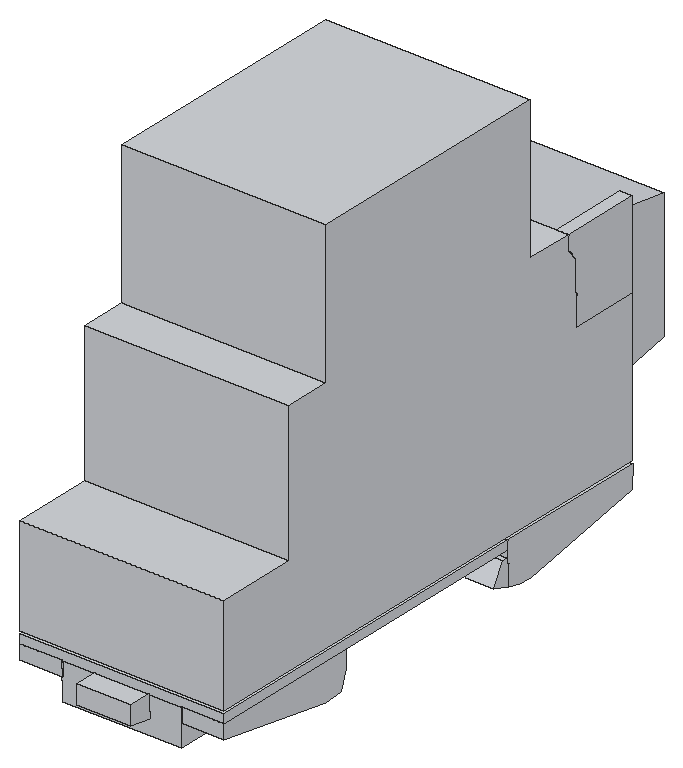
Revit family "Gira_543000", category Electrical Fixtures, host Face, Revit 2017
Family settings
  Host = Face
  Maintain Annotation Orientation = No
  Round Connector Dimension = Use Diameter
  Part Type = Normal
  Cut with Voids When Loaded = No
  Shared = No
  Room Calculation Point = No
Parameters (values of type "WL dimm.act. 1-g DRA Gira eNet")
  With label area = no
  URL = "https://www.gira.de/"
  Type of voltage (input voltage) = ""
  Type of load = "Universal"
  Type of fastening = ""
  Type Comments = ""
  Transparent = no
  Surface protection = ""
  Surface finishing = ""
  Suitable for degree of protection (IP) = ""
  Serial dimmer = no
  Radio frequent bidirectional = no
  Power boost suitable = no
  Parallel-service possible = no
  Output power [Voltampere] = "[500:500]"
  Number of outputs = 1
  Number of inputs = 0
  Nominal voltage [Volt] = ""
  Model = "Dimming actuator"
  Method of operation = ""
  Material quality = ""
  Material = ""
  Manufacturer = "Gira"
  Local operation/hand operation = no
  Light value memory = no
  Keynote = ""
  Input voltage [Volt] = ""
  HeinzeBIM = "https://www.heinze.de/bim/wl-dimm-act-1-g-dra-gira-enet/a9636d8d94fcf1a9dfd08dc613c52d40db9e02c7"
  Halogen free = no
  HAN = "543000"
  GTIN = "4010337774259"
  Frequency [Hz] = ""
  Dimming phase cut-on = no
  Dimming phase cut-off = no
  Description = "WL dimm.act.1g DRA eNet eNet wireless dimming actuator, 1-gang 20 - 500 W VA DRA Features: Can be set with eNet server:: - Fully encrypted wireless transmission (AES CCM) from eNet Server software version 2.0. - Operation locks. - Device software update. - The eNet wireless dimming actuator receives telegrams for switching and dimming various electrical loads from the eNet wireless reception module or eNet server via a data cable. - Switching and dimming light bulbs, HV halogen lamps, electronic transformers for halogen or LED lamps, dimmable inductive transformers for halogen or LED lamps, HV LED or compact fluorescent lamps. - Bulb-saving switch-on. - Switch-on and minimum brightness can be saved. - Scene operation. - Status display with LED. - Status feedback to eNet wireless sensors. - Short-circuit and excess-temperature protection. - Automatic or manual setting of dimming process. Can be set with eNet server:: - Maximum brightness. - Dimming process. - Dimming speed. - Delay time. - Switch-on off delay. - Dimming ramp up down. - Switch-off pre-warning. - Permanent-on, permanent-off. - Hotel function. - Light control.,Notes : - An eNet wireless reception module or an eNet server is required to operate this DIN-rail mounting device."
  Default Elevation = 1219.2 mm
  Cost = 0
  Anschlussart = ""
  Colour = ""
  Bus connection included = no
  BIMSITE_PRODUCT_ID = "a9636d8d94fcf1a9dfd08dc613c52d40db9e02c7"
  BIM = "https://media.live.bim.site/t/eyJhbGciOiJIUzI1NiIsInR5cCI6IkpXVCJ9.eyJjdCI6MSwidGYiOiJwdWJsaWMvZ2lyYS8wOWY1ZGI1L0dpcmEgWDEgUkVHIEtOWC5yZmEiLCJjaWQiOiJmZWQ5OGU5YS0xYmQ4LTRjNjgtYTczYi03NGE5NGUzMTU4MjMiLCJyaWQiOiI5YzEwNDkwMmZhOWU1M2RjZmE1NmI2NGI3YWE5NzBlMCIsInBpZCI6ImE5NjM2ZDhkOTRmY2YxYTlkZmQwOGRjNjEzYzUyZDQwZGI5ZTAyYzciLCJzaWQiOiI2MzQ3MCIsInV0Ijo1LCJsYyI6ImVuIiwiaWF0IjoxNjA3NDQxOTU2LCJpc3MiOiJodHRwczovL2FwaS5saXZlLmJpbS5zaXRlIiwic3ViIjoiOGQzYWE1Y2ItZTA2Ni00NTk4LWJlMTYtNmUxNmVlNzQ5NTZhIn0.bHWL_qNlnwnxfzYQ3PF13mFJsFFBoQ4wlcbZ-YUZFdc/Gira X1 REG KNX.rfa"
  Zusammenstellung = ""
  Assembly Code = ""
  Applicable with transmission button = no
  Applicable with time switch/timer = no
  Applicable with presence indicator = no
  Applicable with movement sensor = no
  Applicable with infrared button = no
  Applicable with button = no
  App control via Bluetooth = no
Reference planes
  plane 1 "Center (Front/Back)": y = 0
  plane 2: z = 0
  plane 3 "Center (Left/Right)": x = 0
Forms (mm)
  Extrusion 1, solid, detail levels fine
    sketch origin (0, -0.2, 0) x (0, 1, 0) y (0, 0, 1)
      loop
        line (22.65, 43.82) -> (22.65, 68.77) -> (-22.25, 68.77) -> (-22.25, 43.82) -> (-30.4, 43.82) -> (-30.4, 19.42) -> (-44.8, 19.42) -> (-44.8, 1.97) -> (45.192, 1.97) -> (45.192, 28.47) -> (32.925, 28.47) -> (32.831, 39.259) -> (31.225, 41.242) -> (31.225, 43.82) -> (22.65, 43.82)
    from -17.95 to 17.95
  Extrusion 2, solid, detail levels fine
    sketch origin (0, -0.2, 0) x (0, 1, 0) y (0, 0, 1)
      loop
        line (45.192, 43.82) -> (31.225, 43.82) -> (31.225, 41.242) -> (32.831, 39.259) -> (32.925, 28.47) -> (45.192, 28.47) -> (45.192, 43.82)
    from -17.95 to -15.8
  Extrusion 3, solid, detail levels fine
    sketch origin (0, -0.2, 0) x (0, 1, 0) y (0, 0, -1)
      loop
        line (45.192, -43.82) -> (45.192, -28.47) -> (32.925, -28.47) -> (32.831, -39.259) -> (31.225, -41.242) -> (31.225, -43.82) -> (45.192, -43.82)
    from -17.95 to -15.8
  Extrusion 4, solid, detail levels fine
    sketch origin (0, -0.2, 0) x (0, 1, 0) y (0, 0, 1)
      loop
        line (31.5, 42.848) -> (31.5, 40.412)
        arc (31.5, 40.412) -> (38.359, 39.512) -> (45.192, 38.435) r 267
        line (45.192, 38.435) -> (45.192, 14.255)
        arc (45.192, 14.255) -> (50.205, 15.189) -> (55.2, 16.219) r 264.9
        line (55.2, 16.219) -> (55.2, 38.933)
        arc (55.2, 38.933) -> (43.394, 41.159) -> (31.5, 42.848) r 265
    from -15.506 to 15.5
  Extrusion 5, solid, detail levels fine
    sketch origin (0, -0.2, 0) x (0, 1, 0) y (0, 0, 1)
      loop
        line (45.2, 1.5) -> (17.774, 1.5) -> (17.905, -6.017)
        arc (17.905, -6.017) -> (20.285, -6.454) -> (22.7, -6.6) r 20
        arc (22.7, -6.6) -> (33.985, -5.009) -> (45.128, -2.618) r 160
        line (45.128, -2.618) -> (45.2, 1.5)
    from -17.95 to 18
  Extrusion 6, solid, detail levels fine
    sketch origin (0, -0.2, 0) x (0, 1, 0) y (0, 0, 1)
      loop
        line (17.905, -6.017) -> (17.824, -1.4) -> (16.8, -1.4) -> (14.749, -4.952)
        arc (14.749, -4.952) -> (16.305, -5.55) -> (17.905, -6.017) r 20
    from -17.95 to -13
  Extrusion 7, solid, detail levels fine
    sketch origin (0, -0.2, 0) x (0, 1, 0) y (0, 0, -1)
      loop
        arc (17.905, 6.017) -> (16.305, 5.55) -> (14.749, 4.952) r 20
        line (14.749, 4.952) -> (16.8, 1.4) -> (17.824, 1.4) -> (17.905, 6.017)
    from -17.95 to -13
  Extrusion 8, solid, detail levels fine
    sketch origin (0, -0.2, 0) x (0, 1, 0) y (0, 0, 1)
      loop
        line (17.8, 0) -> (17.774, 1.5) -> (-44.8, 1.5) -> (-44.774, 0) -> (17.8, 0)
    from -17.95 to 17.95
  Extrusion 9, solid, detail levels fine
    sketch origin (0, 0, 0) x (0, 1, 0) y (0, 0, 1)
      loop
        line (-48.916, -3.317) -> (-44.906, -3.881) -> (-44.974, 0) -> (-48.916, 0) -> (-48.916, -3.317)
    from -4.803 to 4.797
  Extrusion 10, solid, detail levels fine
    sketch origin (0, 0, 0) x (0, 1, 0) y (0, 0, 1)
      loop
        arc (-22.5, -6.6) -> (-20.811, -6.529) -> (-19.134, -6.315) r 20
        line (-19.134, -6.315) -> (-18.029, -3.279) -> (-18, 0) -> (-44.974, 0) -> (-44.928, -2.618)
        arc (-44.928, -2.618) -> (-33.785, -5.009) -> (-22.5, -6.6) r 160
    from -17.95 to -10.5
  Extrusion 11, solid, detail levels fine
    sketch origin (0, 0, 0) x (0, 1, 0) y (0, 0, -1)
      loop
        arc (-22.5, 6.6) -> (-33.785, 5.009) -> (-44.928, 2.618) r 160
        line (-44.928, 2.618) -> (-44.974, 0) -> (-18, 0) -> (-18.029, 3.279) -> (-19.134, 6.315)
        arc (-19.134, 6.315) -> (-20.811, 6.529) -> (-22.5, 6.6) r 20
    from -17.95 to -10.5
  Extrusion 12, solid, detail levels fine
    sketch origin (0, 0, 0) x (0, 1, 0) y (0, 0, 1)
      loop
        line (-30.708, -6.6) -> (-30.65, 0) -> (-44.974, 0) -> (-44.859, -6.6) -> (-30.708, -6.6)
    from -10.5 to 10.5
  Extrusion 13, solid, detail levels fine
    sketch origin (0, 0, 0) x (1, 0, 0) y (0, 1, 0)
      loop
        circle (-0.003, -20.023) r 1
    from -7.682 to 0
  Extrusion 14, solid, detail levels fine
    sketch origin (0, 0, 0) x (0, 1, 0) y (0, 0, 1)
      loop
        line (-17.523, -0.8) -> (-17.523, 0) -> (-30.65, 0) -> (-30.684, -3.9) -> (-27.106, -3.9) -> (-27.106, -5.6) -> (-19.623, -6.6) -> (-18.03, -6.6) -> (-15.023, -2.682) -> (-15.023, -1.517) -> (-17.523, -0.8)
    from -4.503 to 4.5
  Extrusion 15, solid, detail levels fine
    sketch origin (0, 0, 0) x (1, 0, 0) y (0, 1, 0)
      loop
        line (16.859, 43.848) -> (-16.859, 43.848) -> (-16.859, -43.859) -> (16.859, -43.859) -> (16.859, 43.848)
    from 1.5 to 4
  Extrusion 16, solid, detail levels medium
    sketch origin (0, 0, 0) x (0, 1, 0) y (0, 0, 1)
      loop
        line (22.45, 68.77) -> (-22.45, 68.77) -> (-22.45, 43.82) -> (-30.6, 43.82) -> (-30.6, 19.42) -> (-45, 19.42) -> (-45, 0) -> (-48.916, 0) -> (-48.916, -6.6) -> (-15.023, -6.6) -> (-15.023, 0) -> (14.549, 0) -> (14.549, -6.6) -> (44.992, -6.6) -> (44.992, 14.255)
        arc (44.992, 14.255) -> (50.005, 15.189) -> (55, 16.219) r 264.9
        line (55, 16.219) -> (55, 38.933)
        arc (55, 38.933) -> (50.005, 39.943) -> (44.992, 40.856) r 265
        line (44.992, 40.856) -> (44.992, 43.82) -> (22.45, 43.82) -> (22.45, 68.77)
    from -17.95 to 17.95
  Extrusion 17, solid, detail levels coarse
    sketch origin (0, 0, 0) x (1, 0, 0) y (0, 1, 0)
      loop
        line (-17.95, 55) -> (-17.95, -48.916) -> (17.95, -48.916) -> (17.95, 55) -> (-17.95, 55)
    from -7.682 to 68.77
Dimensions and locks
  aligned and locked: plane 2 to host face
  aligned and locked: level to host face
Connectors
  electrical at (0, -13.687, 0)
    settings: on Extrusion 8, index 1, voltage 24 V, apparent load 0 VA, apparent load phase1 0 VA, apparent load phase2 0 VA, apparent load phase3 0 VA, power factor 1, load classification "Other", number of poles 1, system type 30, power factor state 1, is connector primary yes, connector utility no, sub classification motor no, connector description ""
